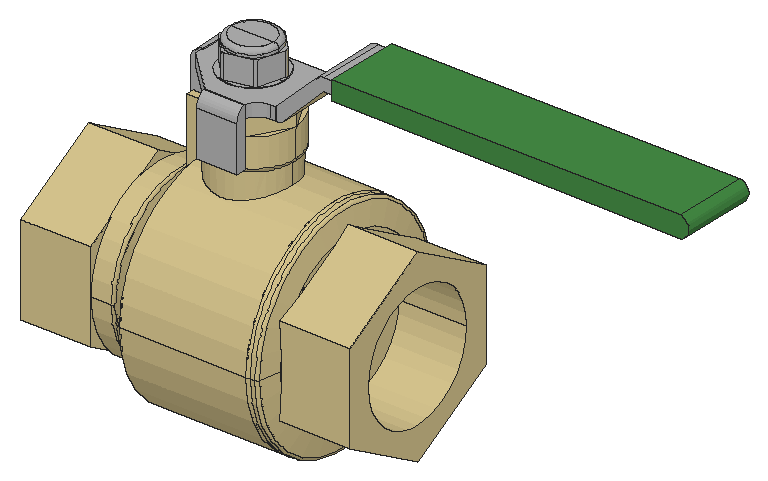
Revit family "QA00570000", category Apparecchi idraulici, Revit 2016
Family settings
  Tipo di parte = Normale
  Quota connettore circolare = Usa diametro
  Numero OmniClass = 23.45.00.00
  Titolo OmniClass = Sanitary, Laundry, and Cleaning Equipment
  Basato su piano di lavoro = No
  Sempre verticale = Sì
  Taglio con vuoti quando caricato = No
  Condiviso = No
  Punto di calcolo locali = No
Parameters
  URL = "https://web.cimberio.it/index.php/figura/1393?subcategoria_id=102"
  Produttore = "CIMBERIO SPA"
  Modello = "Cim 11CRNL"
  DN Model [instance] = QA00571040 : QA00571040
  DN [instance] = 40 mm
Reference planes
  plane 1 "Centro (Fronte/Retro)": y = 0
  plane 2: z = 0
  plane 3 "Centro (Sinistra/Destra)": x = 0
Dimensions and locks
  aligned and locked: level to plane 2
Nested families
  nested 1: "QA00571040" at (0, 0, 0), type <- "DN Model", type "QA00571040"
  nested 2: "QA00571040" at (0, 0, 0), type <- "DN Model", type "QA00571040"
  nested 3: "QA00571040" at (0, 0, 0), type <- "DN Model", type "QA00571040"
  nested 4: "QA00571040" at (0, 0, 0), type <- "DN Model", type "QA00571040"
  nested 5: "QA00571040" at (0, 0, 0), type <- "DN Model", type "QA00571040"
  nested 6: "QA00571040" at (0, 0, 0), type <- "DN Model", type "QA00571040"
  nested 7: "QA00571040" at (0, 0, 0), type <- "DN Model", type "QA00571040"
  nested 8: "QA00571040" at (0, 0, 0), type <- "DN Model", type "QA00571040"
Connectors
  piping at (53.099, 0, 0), diameter 40, driven by "DN"
    settings: on nested 1, index 1, connector inside diameter 609.6 mm, connector length 0 mm, flow factor 0, pipe flow 0.0 L/s, pressure drop 0.0 Pa, fitting loss kfactor 0, connector angle 0.00°, fixture units 0, engagement length 0 mm, angle of deflection 0.00°, flow configuration 0, flow direction 0, fitting loss method 0, system type 7, joint type 0, gender type 0, connector reference index -1, connector utility 0, adjustable connector no, is connector primary yes, connector description ""
  piping at (-53.099, 0, 0), diameter 40, driven by "DN"
    settings: on nested 1, index 2, connector inside diameter 609.6 mm, connector length 0 mm, flow factor 0, pipe flow 0.0 L/s, pressure drop 0.0 Pa, fitting loss kfactor 0, connector angle 0.00°, fixture units 0, engagement length 0 mm, angle of deflection 0.00°, flow configuration 0, flow direction 0, fitting loss method 0, system type 7, joint type 0, gender type 0, connector reference index -1, connector utility 0, adjustable connector no, is connector primary no, connector description ""
Definition of nested family "QA00571040"
  Reference planes
    plane 1 "Centro (Fronte/Retro)": y = 0
    plane 2: z = 0
    plane 3 "Centro (Sinistra/Destra)": x = 0
  Forms (mm)
    Revolve 1, solid
      sketch origin (0, 0, 0) x (1, 0, 0) y (0, 1, 0)
        loop
          line (-30.5, 10) -> (30.971, 10) -> (30.971, 27.5) -> (29.75, 34.424)
          arc (29.75, 34.424) -> (29.408, 35.016) -> (28.765, 35.25) r 1
          line (28.765, 35.25) -> (27.157, 35.25) -> (26.224, 35.5) -> (-14.7, 35.5) -> (-21.821, 28.379)
          arc (-21.821, 28.379) -> (-22.795, 27.728) -> (-23.943, 27.5) r 3
          line (-23.943, 27.5) -> (-30.5, 27.5) -> (-30.5, 10)
        axis (-30.5, 0) -> (30.971, 0)
      angle from 0 to 360
    Extrusion 2, solid
      sketch origin (-11, 0, 0) x (0, 0, 1) y (0, 1, 0)
        loop
          circle (0, 0) r 20
        loop
          line (-30.35, 0) -> (-14.473, -27.5) -> (14.473, -27.5) -> (30.35, 0) -> (14.473, 27.5) -> (-14.473, 27.5) -> (-30.35, 0)
      from 19.5 to 42.099
    Extrusion 3, solid
      sketch origin (11, 0, 0) x (0, 0, 1) y (0, -1, 0)
        loop
          circle (0, 0) r 20
        loop
          line (-30.35, 0) -> (-14.473, -27.5) -> (14.473, -27.5) -> (30.35, 0) -> (14.473, 27.5) -> (-14.473, 27.5) -> (-30.35, 0)
      from 19.5 to 42.099
    Revolve 4, solid
      sketch origin (0, 0, 0) x (1, 0, 0) y (0, 0, 1)
        loop
          line (0, 52.8) -> (0, 31.443) -> (12.855, 31.443) -> (12.951, 42.5)
          arc (12.951, 42.5) -> (13.658, 42.793) -> (13.951, 43.5) r 1
          line (13.951, 43.5) -> (13.951, 52.8) -> (0, 52.8)
        axis (0, 52.8) -> (0, 31.443)
      angle from 0 to 360
    Extrusion 5, solid
      sketch origin (0, 0, 28.55) x (1, 0, 0) y (0, 1, 0)
        loop
          line (7, -12.124) -> (14, 0) -> (7, 12.124) -> (-7, 12.124) -> (-14, 0) -> (-7, -12.124) -> (7, -12.124)
      from 24.25 to 31.25
    Revolve 6, solid
      sketch origin (0, 0, 0) x (1, 0, 0) y (0, 0, 1)
        loop
          line (0, 64.7) -> (0, 59.8) -> (9.938, 59.8) -> (10.052, 64.7) -> (0, 64.7)
        axis (0, 64.7) -> (0, 59.8)
      angle from 0 to 360
    Extrusion 7, solid
      sketch origin (0, 0, 28.55) x (1, 0, 0) y (0, 1, 0)
        loop
          line (-16.049, 10) -> (-16.049, -2.851) -> (-2.9, -16) -> (10.101, -16)
          arc (10.101, -16) -> (11.838, -13.127) -> (15, -12) r 5
          line (15, -12) -> (17, -12) -> (17, 10) -> (-16.049, 10)
      from 32.15 to 36.15
    Extrusion 8, solid
      sketch origin (0, 0, 0) x (1, 0, 0) y (0, 0, 1)
        loop
          line (-19.049, 51.8) -> (-19.049, 29.508) -> (-10.553, 29.508) -> (-10.553, 51.8) -> (-19.049, 51.8)
      from 0 to 2.9
    Extrusion 9, solid
      sketch origin (0, 0, 0) x (1, 0, 0) y (0, 0, 1)
        loop
          arc (-16.049, 64.7) -> (-18.878, 63.528) -> (-20.049, 60.7) r 4
          line (-20.049, 60.7) -> (-20.049, 45.7) -> (-16.049, 45.7) -> (-16.049, 64.7)
      from -10 to 0
    Extrusion 10, solid
      sketch origin (-11, 0, 0) x (0, 0, 1) y (0, 1, 0)
        loop
          line (64.7, -16) -> (45.877, -16) -> (45.877, -19) -> (60.7, -19)
          arc (60.7, -19) -> (63.2, -18.167) -> (64.7, -16) r 4.166
      from -21.101 to -8.1
    Extrusion 11, solid
      sketch origin (0, 0, 28.55) x (1, 0, 0) y (0, 1, 0)
        loop
          line (2.187, 9.128) -> (-5.943, 7.251)
          arc (-5.943, 7.251) -> (-6.49, 6.96) -> (-6.819, 6.434) r 1.199
          line (-6.819, 6.434) -> (-9.254, -1.531)
          arc (-9.254, -1.531) -> (-9.276, -2.141) -> (-8.989, -2.681) r 1.179
          line (-8.989, -2.681) -> (-3.321, -8.759)
          arc (-3.321, -8.759) -> (-2.781, -9.096) -> (-2.144, -9.118) r 1.231
          line (-2.144, -9.118) -> (5.947, -7.25)
          arc (5.947, -7.25) -> (6.491, -6.961) -> (6.818, -6.439) r 1.19
          line (6.818, -6.439) -> (9.251, 1.52)
          arc (9.251, 1.52) -> (9.273, 2.141) -> (8.981, 2.689) r 1.2
          line (8.981, 2.689) -> (3.292, 8.79)
          arc (3.292, 8.79) -> (2.784, 9.107) -> (2.187, 9.128) r 1.155
      from 36.15 to 43.85
    Revolve 12, solid
      sketch origin (0, 0, 0) x (1, 0, 0) y (0, 0, 1)
        loop
          line (0, 74.7) -> (0, 72.4) -> (8.201, 72.4) -> (8.201, 73.2)
          arc (8.201, 73.2) -> (7.761, 74.261) -> (6.701, 74.7) r 1.5
          line (6.701, 74.7) -> (0, 74.7)
        axis (0, 74.7) -> (0, 72.4)
      angle from 0 to 360
    Extrusion 13, solid
      sketch origin (0, 0, 0) x (1, 0, 0) y (0, 0, 1)
        loop
          line (17, 64.7) -> (17, 60.7)
          arc (17, 60.7) -> (18.504, 61.014) -> (19.779, 61.872) r 4.001
          line (19.779, 61.872) -> (32.607, 74.7) -> (35.955, 74.7) -> (35.955, 78.7) -> (32.607, 78.7)
          arc (32.607, 78.7) -> (31.076, 78.397) -> (29.779, 77.528) r 3.981
          line (29.779, 77.528) -> (17, 64.7)
      from -10 to 12
    Extrusion 14, solid
      sketch origin (0, 0, 0) x (1, 0, 0) y (0, 0, 1)
        loop
          line (35.955, 79.7) -> (35.955, 73.7) -> (148.444, 73.209)
          arc (148.444, 73.209) -> (151.093, 76.7) -> (148.444, 80.191) r 3.625
          line (148.444, 80.191) -> (35.955, 79.7)
      from -11 to 13
  Cuts and joins
    joined: Revolve 1, Revolve 4, Extrusion 8
  Dimensions and locks
    aligned and locked: level to plane 2
